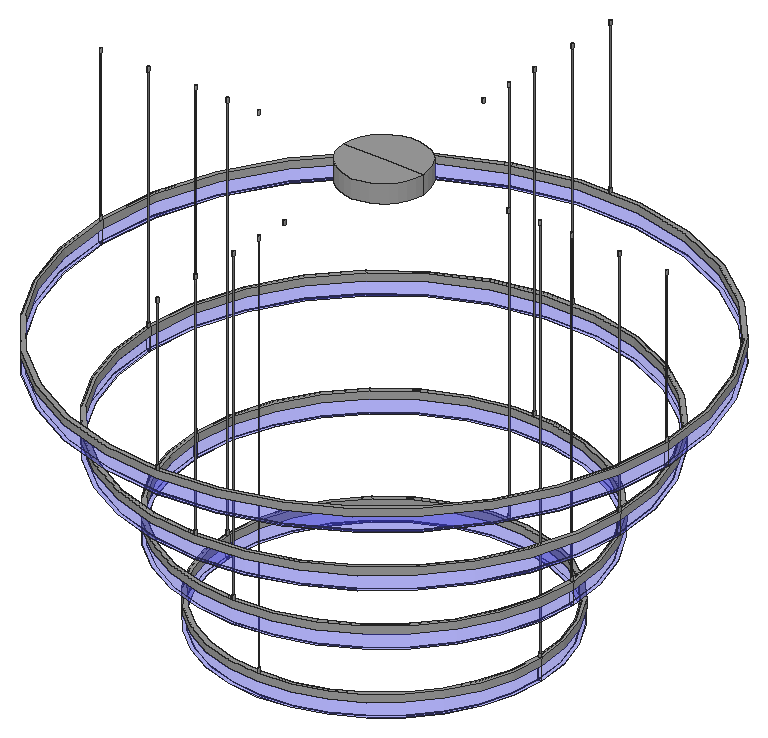
Revit family "Alcon-12272-4-40-48-60-72-Revit-Family", category Generic Models, host Ceiling, Revit 2025
Family settings
  Host = Ceiling
  Can host rebar = No
  Round Connector Dimension = Use Diameter
  Part Type = Normal
  Always vertical = Yes
  Cut with Voids When Loaded = No
  Maintain Annotation Orientation = No
  Shared = No
  Room Calculation Point = No
Parameters
  URL = "https://www.alconlighting.com/?srsltid=AfmBOooDPhGQ0dEP-X2PMtxFfvvWpIAEL4jCll_O2F4_to5onvhnBomy"
  Product Page = "https://www.alconlighting.com/redondo-12272-4.html"
  Model = "12272-4"
  Manufacturer = "Alcon Lighting"
  Lens = Glass
  Housing = Default
  Default Elevation = 0' - 0"
Reference planes (in)
  plane 1 "Center (Front/Back)": y = 0
  plane 2 "Ceiling": z = 96
  plane 3 "Center (Left/Right)": x = 0
Forms (in)
  Revolve 1, solid, material "Default" <- "Housing"
    sketch origin (0, 0, 0) x (1, 0, 0) y (0, 0, 1)
      loop
        line (0, 96) -> (0, 93.75) -> (5, 93.75) -> (5, 96) -> (0, 96)
      axis (0, 96) -> (0, 93.75)
    angle from 0 to 360
  Revolve 2, solid, material "Default" <- "Housing"
    sketch origin (0, 0, -20.03125) x (1, 0, 0) y (0, 0, 1)
      loop
        line (19.5, 66.65) -> (19.5, 65.72813) -> (19.5625, 65.72813) -> (19.5625, 66.5875) -> (19.9375, 66.5875) -> (19.9375, 65.72813) -> (20, 65.72813) -> (20, 66.65) -> (19.5, 66.65)
      axis (0, 65.72813) -> (0, 66.65)
    angle from 0 to 360
  Revolve 3, solid, material "Glass" <- "Lens"
    sketch origin (0, 0, -20.03125) x (1, 0, 0) y (0, 0, 1)
      loop
        line (19.5, 63.89) -> (20, 63.89) -> (20, 65.72813) -> (19.96875, 65.72813) -> (19.96875, 63.92125) -> (19.53125, 63.92125) -> (19.53125, 65.72813) -> (19.5, 65.72813) -> (19.5, 63.89)
      axis (0, 63.89) -> (0, 65.72813)
    angle from 0 to 360
  Revolve 4, solid, material "Default" <- "Housing"
    sketch origin (0, -32.29728, -20.03125) x (0, 1, 0) y (0, 0, 1)
      loop
        line (12.55011, 66.65) -> (12.67511, 66.65) -> (12.67511, 67.1208) -> (12.55011, 67.1208) -> (12.55011, 66.65)
      axis (12.55011, 67.1208) -> (12.55011, 66.65)
    angle from 0 to 360
  Extrusion 5, solid, material "Default" <- "Housing"
    sketch origin (0, -19.74728, 92.90344) x (0, 1, 0) y (1, 0, 0)
      loop
        circle (0, 0) r 0.04922
    from -2.62576 to 45.8139
  Revolve 6, solid, material "Default" <- "Housing"
    sketch origin (0, -32.29728, 28.8792) x (0, 1, 0) y (0, 0, 1)
      loop
        line (12.55011, 66.65) -> (12.67511, 66.65) -> (12.67511, 67.1208) -> (12.55011, 67.1208) -> (12.55011, 66.65)
      axis (12.55011, 67.1208) -> (12.55011, 66.65)
    angle from 0 to 360
  Revolve 7, solid, material "Default" <- "Housing"
    sketch origin (0, 7.19587, -20.03125) x (0, 1, 0) y (0, 0, 1)
      loop
        line (12.55011, 66.65) -> (12.67511, 66.65) -> (12.67511, 67.1208) -> (12.55011, 67.1208) -> (12.55011, 66.65)
      axis (12.55011, 67.1208) -> (12.55011, 66.65)
    angle from 0 to 360
  Extrusion 8, solid, material "Default" <- "Housing"
    sketch origin (0, 19.74587, 92.90344) x (0, 1, 0) y (1, 0, 0)
      loop
        circle (0, 0) r 0.04922
    from -2.62576 to 45.8139
  Revolve 9, solid, material "Default" <- "Housing"
    sketch origin (0, 7.19587, 28.8792) x (0, 1, 0) y (0, 0, 1)
      loop
        line (12.55011, 66.65) -> (12.67511, 66.65) -> (12.67511, 67.1208) -> (12.55011, 67.1208) -> (12.55011, 66.65)
      axis (12.55011, 67.1208) -> (12.55011, 66.65)
    angle from 0 to 360
  Revolve 10, solid, material "Default" <- "Housing"
    sketch origin (19.73156, -12.55011, -20.03125) x (0, 1, 0) y (0, 0, 1)
      loop
        line (12.55011, 66.65) -> (12.67511, 66.65) -> (12.67511, 67.1208) -> (12.55011, 67.1208) -> (12.55011, 66.65)
      axis (12.55011, 67.1208) -> (12.55011, 66.65)
    angle from 0 to 360
  Extrusion 11, solid, material "Default" <- "Housing"
    sketch origin (19.73156, -0.00011, 92.90344) x (0, 1, 0) y (1, 0, 0)
      loop
        circle (0, 0) r 0.04922
    from -2.62576 to 45.8139
  Revolve 12, solid, material "Default" <- "Housing"
    sketch origin (19.73156, -12.55011, 28.8792) x (0, 1, 0) y (0, 0, 1)
      loop
        line (12.55011, 66.65) -> (12.67511, 66.65) -> (12.67511, 67.1208) -> (12.55011, 67.1208) -> (12.55011, 66.65)
      axis (12.55011, 67.1208) -> (12.55011, 66.65)
    angle from 0 to 360
  Revolve 13, solid, material "Default" <- "Housing"
    sketch origin (-19.7654, -12.55011, -20.03125) x (0, 1, 0) y (0, 0, 1)
      loop
        line (12.55011, 66.65) -> (12.67511, 66.65) -> (12.67511, 67.1208) -> (12.55011, 67.1208) -> (12.55011, 66.65)
      axis (12.55011, 67.1208) -> (12.55011, 66.65)
    angle from 0 to 360
  Extrusion 14, solid, material "Default" <- "Housing"
    sketch origin (-19.7654, -0.00011, 92.90344) x (0, 1, 0) y (1, 0, 0)
      loop
        circle (0, 0) r 0.04922
    from -2.62576 to 45.8139
  Revolve 15, solid, material "Default" <- "Housing"
    sketch origin (-19.7654, -12.55011, 28.8792) x (0, 1, 0) y (0, 0, 1)
      loop
        line (12.55011, 66.65) -> (12.67511, 66.65) -> (12.67511, 67.1208) -> (12.55011, 67.1208) -> (12.55011, 66.65)
      axis (12.55011, 67.1208) -> (12.55011, 66.65)
    angle from 0 to 360
  Revolve 16, solid, material "Default" <- "Housing"
    sketch origin (0, 0, -10.03125) x (1, 0, 0) y (0, 0, 1)
      loop
        line (23.5, 66.65) -> (23.5, 65.72813) -> (23.5625, 65.72813) -> (23.5625, 66.5875) -> (23.9375, 66.5875) -> (23.9375, 65.72813) -> (24, 65.72813) -> (24, 66.65) -> (23.5, 66.65)
      axis (0, 65.72813) -> (0, 66.65)
    angle from 0 to 360
  Revolve 17, solid, material "Glass" <- "Lens"
    sketch origin (0, 0, -10.03125) x (1, 0, 0) y (0, 0, 1)
      loop
        line (23.5, 63.89) -> (24, 63.89) -> (24, 65.72813) -> (23.96875, 65.72813) -> (23.96875, 63.92125) -> (23.53125, 63.92125) -> (23.53125, 65.72813) -> (23.5, 65.72813) -> (23.5, 63.89)
      axis (0, 63.89) -> (0, 65.72813)
    angle from 0 to 360
  Revolve 18, solid, material "Default" <- "Housing"
    sketch origin (-23.7654, -12.55011, -10.03125) x (0, 1, 0) y (0, 0, 1)
      loop
        line (12.55011, 66.65) -> (12.67511, 66.65) -> (12.67511, 67.1208) -> (12.55011, 67.1208) -> (12.55011, 66.65)
      axis (12.55011, 67.1208) -> (12.55011, 66.65)
    angle from 0 to 360
  Extrusion 19, solid, material "Default" <- "Housing"
    sketch origin (-23.7654, -0.00011, 102.90344) x (0, 1, 0) y (1, 0, 0)
      loop
        circle (0, 0) r 0.04922
    from 7.37424 to 45.8139
  Revolve 20, solid, material "Default" <- "Housing"
    sketch origin (-23.7654, -12.55011, 28.8792) x (0, 1, 0) y (0, 0, 1)
      loop
        line (12.55011, 66.65) -> (12.67511, 66.65) -> (12.67511, 67.1208) -> (12.55011, 67.1208) -> (12.55011, 66.65)
      axis (12.55011, 67.1208) -> (12.55011, 66.65)
    angle from 0 to 360
  Revolve 21, solid, material "Default" <- "Housing"
    sketch origin (-19.7654, -12.55011, -20.03125) x (0, 1, 0) y (0, 0, 1)
      loop
        line (12.55011, 66.65) -> (12.67511, 66.65) -> (12.67511, 67.1208) -> (12.55011, 67.1208) -> (12.55011, 66.65)
      axis (12.55011, 67.1208) -> (12.55011, 66.65)
    angle from 0 to 360
  Extrusion 22, solid, material "Default" <- "Housing"
    sketch origin (-19.7654, -0.00011, 92.90344) x (0, 1, 0) y (1, 0, 0)
      loop
        circle (0, 0) r 0.04922
    from -2.62576 to 45.8139
  Revolve 23, solid, material "Default" <- "Housing"
    sketch origin (-19.7654, -12.55011, 28.8792) x (0, 1, 0) y (0, 0, 1)
      loop
        line (12.55011, 66.65) -> (12.67511, 66.65) -> (12.67511, 67.1208) -> (12.55011, 67.1208) -> (12.55011, 66.65)
      axis (12.55011, 67.1208) -> (12.55011, 66.65)
    angle from 0 to 360
  Revolve 24, solid, material "Default" <- "Housing"
    sketch origin (23.7346, -12.55011, -10.03125) x (0, 1, 0) y (0, 0, 1)
      loop
        line (12.55011, 66.65) -> (12.67511, 66.65) -> (12.67511, 67.1208) -> (12.55011, 67.1208) -> (12.55011, 66.65)
      axis (12.55011, 67.1208) -> (12.55011, 66.65)
    angle from 0 to 360
  Extrusion 25, solid, material "Default" <- "Housing"
    sketch origin (23.7346, -0.00011, 102.90344) x (0, 1, 0) y (1, 0, 0)
      loop
        circle (0, 0) r 0.04922
    from 7.37424 to 45.8139
  Revolve 26, solid, material "Default" <- "Housing"
    sketch origin (23.7346, -12.55011, 28.8792) x (0, 1, 0) y (0, 0, 1)
      loop
        line (12.55011, 66.65) -> (12.67511, 66.65) -> (12.67511, 67.1208) -> (12.55011, 67.1208) -> (12.55011, 66.65)
      axis (12.55011, 67.1208) -> (12.55011, 66.65)
    angle from 0 to 360
  Revolve 27, solid, material "Default" <- "Housing"
    sketch origin (0, 11.19989, -10.03125) x (0, 1, 0) y (0, 0, 1)
      loop
        line (12.55011, 66.65) -> (12.67511, 66.65) -> (12.67511, 67.1208) -> (12.55011, 67.1208) -> (12.55011, 66.65)
      axis (12.55011, 67.1208) -> (12.55011, 66.65)
    angle from 0 to 360
  Extrusion 28, solid, material "Default" <- "Housing"
    sketch origin (0, 23.74989, 102.90344) x (0, 1, 0) y (1, 0, 0)
      loop
        circle (0, 0) r 0.04922
    from 7.37424 to 45.8139
  Revolve 29, solid, material "Default" <- "Housing"
    sketch origin (0, 11.19989, 28.8792) x (0, 1, 0) y (0, 0, 1)
      loop
        line (12.55011, 66.65) -> (12.67511, 66.65) -> (12.67511, 67.1208) -> (12.55011, 67.1208) -> (12.55011, 66.65)
      axis (12.55011, 67.1208) -> (12.55011, 66.65)
    angle from 0 to 360
  Revolve 30, solid, material "Default" <- "Housing"
    sketch origin (0, -36.30011, -10.03125) x (0, 1, 0) y (0, 0, 1)
      loop
        line (12.55011, 66.65) -> (12.67511, 66.65) -> (12.67511, 67.1208) -> (12.55011, 67.1208) -> (12.55011, 66.65)
      axis (12.55011, 67.1208) -> (12.55011, 66.65)
    angle from 0 to 360
  Extrusion 31, solid, material "Default" <- "Housing"
    sketch origin (0, -23.75011, 102.90344) x (0, 1, 0) y (1, 0, 0)
      loop
        circle (0, 0) r 0.04922
    from 7.37424 to 45.8139
  Revolve 32, solid, material "Default" <- "Housing"
    sketch origin (0, -36.30011, 28.8792) x (0, 1, 0) y (0, 0, 1)
      loop
        line (12.55011, 66.65) -> (12.67511, 66.65) -> (12.67511, 67.1208) -> (12.55011, 67.1208) -> (12.55011, 66.65)
      axis (12.55011, 67.1208) -> (12.55011, 66.65)
    angle from 0 to 360
  Revolve 33, solid, material "Default" <- "Housing"
    sketch origin (15.73156, -12.55011, 28.8792) x (0, 1, 0) y (0, 0, 1)
      loop
        line (12.55011, 66.65) -> (12.67511, 66.65) -> (12.67511, 67.1208) -> (12.55011, 67.1208) -> (12.55011, 66.65)
      axis (12.55011, 67.1208) -> (12.55011, 66.65)
    angle from 0 to 360
  Revolve 34, solid, material "Default" <- "Housing"
    sketch origin (-15.76844, -12.55011, 28.8792) x (0, 1, 0) y (0, 0, 1)
      loop
        line (12.55011, 66.65) -> (12.67511, 66.65) -> (12.67511, 67.1208) -> (12.55011, 67.1208) -> (12.55011, 66.65)
      axis (12.55011, 67.1208) -> (12.55011, 66.65)
    angle from 0 to 360
  Revolve 35, solid, material "Default" <- "Housing"
    sketch origin (0, 3.19989, 28.8792) x (0, 1, 0) y (0, 0, 1)
      loop
        line (12.55011, 66.65) -> (12.67511, 66.65) -> (12.67511, 67.1208) -> (12.55011, 67.1208) -> (12.55011, 66.65)
      axis (12.55011, 67.1208) -> (12.55011, 66.65)
    angle from 0 to 360
  Revolve 36, solid, material "Default" <- "Housing"
    sketch origin (0, -28.30011, 28.8792) x (0, 1, 0) y (0, 0, 1)
      loop
        line (12.55011, 66.65) -> (12.67511, 66.65) -> (12.67511, 67.1208) -> (12.55011, 67.1208) -> (12.55011, 66.65)
      axis (12.55011, 67.1208) -> (12.55011, 66.65)
    angle from 0 to 360
  Revolve 37, solid, material "Default" <- "Housing"
    sketch origin (0, 0, -0.03125) x (1, 0, 0) y (0, 0, 1)
      loop
        line (29.5, 66.65) -> (29.5, 65.72813) -> (29.5625, 65.72813) -> (29.5625, 66.5875) -> (29.9375, 66.5875) -> (29.9375, 65.72813) -> (30, 65.72813) -> (30, 66.65) -> (29.5, 66.65)
      axis (0, 65.72813) -> (0, 66.65)
    angle from 0 to 360
  Revolve 38, solid, material "Glass" <- "Lens"
    sketch origin (0, 0, -0.03125) x (1, 0, 0) y (0, 0, 1)
      loop
        line (29.5, 63.89) -> (30, 63.89) -> (30, 65.72813) -> (29.96875, 65.72813) -> (29.96875, 63.92125) -> (29.53125, 63.92125) -> (29.53125, 65.72813) -> (29.5, 65.72813) -> (29.5, 63.89)
      axis (0, 63.89) -> (0, 65.72813)
    angle from 0 to 360
  Revolve 39, solid, material "Default" <- "Housing"
    sketch origin (-29.7654, -12.55011, -0.03125) x (0, 1, 0) y (0, 0, 1)
      loop
        line (12.55011, 66.65) -> (12.67511, 66.65) -> (12.67511, 67.1208) -> (12.55011, 67.1208) -> (12.55011, 66.65)
      axis (12.55011, 67.1208) -> (12.55011, 66.65)
    angle from 0 to 360
  Extrusion 40, solid, material "Default" <- "Housing"
    sketch origin (-29.7654, -0.00011, 112.90344) x (0, 1, 0) y (1, 0, 0)
      loop
        circle (0, 0) r 0.04922
    from 17.37424 to 45.8139
  Revolve 41, solid, material "Default" <- "Housing"
    sketch origin (-29.7654, -12.55011, 28.8792) x (0, 1, 0) y (0, 0, 1)
      loop
        line (12.55011, 66.65) -> (12.67511, 66.65) -> (12.67511, 67.1208) -> (12.55011, 67.1208) -> (12.55011, 66.65)
      axis (12.55011, 67.1208) -> (12.55011, 66.65)
    angle from 0 to 360
  Revolve 42, solid, material "Default" <- "Housing"
    sketch origin (29.7346, -12.55011, -0.03125) x (0, 1, 0) y (0, 0, 1)
      loop
        line (12.55011, 66.65) -> (12.67511, 66.65) -> (12.67511, 67.1208) -> (12.55011, 67.1208) -> (12.55011, 66.65)
      axis (12.55011, 67.1208) -> (12.55011, 66.65)
    angle from 0 to 360
  Extrusion 43, solid, material "Default" <- "Housing"
    sketch origin (29.7346, -0.00011, 112.90344) x (0, 1, 0) y (1, 0, 0)
      loop
        circle (0, 0) r 0.04922
    from 17.37424 to 45.8139
  Revolve 44, solid, material "Default" <- "Housing"
    sketch origin (29.7346, -12.55011, 28.8792) x (0, 1, 0) y (0, 0, 1)
      loop
        line (12.55011, 66.65) -> (12.67511, 66.65) -> (12.67511, 67.1208) -> (12.55011, 67.1208) -> (12.55011, 66.65)
      axis (12.55011, 67.1208) -> (12.55011, 66.65)
    angle from 0 to 360
  Revolve 45, solid, material "Default" <- "Housing"
    sketch origin (0, 17.19989, -0.03125) x (0, 1, 0) y (0, 0, 1)
      loop
        line (12.55011, 66.65) -> (12.67511, 66.65) -> (12.67511, 67.1208) -> (12.55011, 67.1208) -> (12.55011, 66.65)
      axis (12.55011, 67.1208) -> (12.55011, 66.65)
    angle from 0 to 360
  Extrusion 46, solid, material "Default" <- "Housing"
    sketch origin (0, 29.74989, 112.90344) x (0, 1, 0) y (1, 0, 0)
      loop
        circle (0, 0) r 0.04922
    from 17.37424 to 45.8139
  Revolve 47, solid, material "Default" <- "Housing"
    sketch origin (0, 17.19989, 28.8792) x (0, 1, 0) y (0, 0, 1)
      loop
        line (12.55011, 66.65) -> (12.67511, 66.65) -> (12.67511, 67.1208) -> (12.55011, 67.1208) -> (12.55011, 66.65)
      axis (12.55011, 67.1208) -> (12.55011, 66.65)
    angle from 0 to 360
  Revolve 48, solid, material "Default" <- "Housing"
    sketch origin (0, -42.30011, -0.03125) x (0, 1, 0) y (0, 0, 1)
      loop
        line (12.55011, 66.65) -> (12.67511, 66.65) -> (12.67511, 67.1208) -> (12.55011, 67.1208) -> (12.55011, 66.65)
      axis (12.55011, 67.1208) -> (12.55011, 66.65)
    angle from 0 to 360
  Extrusion 49, solid, material "Default" <- "Housing"
    sketch origin (0, -29.75011, 112.90344) x (0, 1, 0) y (1, 0, 0)
      loop
        circle (0, 0) r 0.04922
    from 17.37424 to 45.8139
  Revolve 50, solid, material "Default" <- "Housing"
    sketch origin (0, -42.30011, 28.8792) x (0, 1, 0) y (0, 0, 1)
      loop
        line (12.55011, 66.65) -> (12.67511, 66.65) -> (12.67511, 67.1208) -> (12.55011, 67.1208) -> (12.55011, 66.65)
      axis (12.55011, 67.1208) -> (12.55011, 66.65)
    angle from 0 to 360
  Revolve 51, solid, material "Default" <- "Housing"
    sketch origin (0, 0, 9.96875) x (1, 0, 0) y (0, 0, 1)
      loop
        line (35.5, 66.65) -> (35.5, 65.72813) -> (35.5625, 65.72813) -> (35.5625, 66.5875) -> (35.9375, 66.5875) -> (35.9375, 65.72813) -> (36, 65.72813) -> (36, 66.65) -> (35.5, 66.65)
      axis (0, 65.72813) -> (0, 66.65)
    angle from 0 to 360
  Revolve 52, solid, material "Glass" <- "Lens"
    sketch origin (0, 0, 9.96875) x (1, 0, 0) y (0, 0, 1)
      loop
        line (35.5, 63.89) -> (36, 63.89) -> (36, 65.72813) -> (35.96875, 65.72813) -> (35.96875, 63.92125) -> (35.53125, 63.92125) -> (35.53125, 65.72813) -> (35.5, 65.72813) -> (35.5, 63.89)
      axis (0, 63.89) -> (0, 65.72813)
    angle from 0 to 360
  Revolve 53, solid, material "Default" <- "Housing"
    sketch origin (-35.7654, -12.55011, 9.96875) x (0, 1, 0) y (0, 0, 1)
      loop
        line (12.55011, 66.65) -> (12.67511, 66.65) -> (12.67511, 67.1208) -> (12.55011, 67.1208) -> (12.55011, 66.65)
      axis (12.55011, 67.1208) -> (12.55011, 66.65)
    angle from 0 to 360
  Extrusion 54, solid, material "Default" <- "Housing"
    sketch origin (-35.7654, -0.00011, 122.90344) x (0, 1, 0) y (1, 0, 0)
      loop
        circle (0, 0) r 0.04922
    from 27.37424 to 45.8139
  Revolve 55, solid, material "Default" <- "Housing"
    sketch origin (-35.7654, -12.55011, 28.8792) x (0, 1, 0) y (0, 0, 1)
      loop
        line (12.55011, 66.65) -> (12.67511, 66.65) -> (12.67511, 67.1208) -> (12.55011, 67.1208) -> (12.55011, 66.65)
      axis (12.55011, 67.1208) -> (12.55011, 66.65)
    angle from 0 to 360
  Revolve 56, solid, material "Default" <- "Housing"
    sketch origin (35.7346, -12.55011, 9.96875) x (0, 1, 0) y (0, 0, 1)
      loop
        line (12.55011, 66.65) -> (12.67511, 66.65) -> (12.67511, 67.1208) -> (12.55011, 67.1208) -> (12.55011, 66.65)
      axis (12.55011, 67.1208) -> (12.55011, 66.65)
    angle from 0 to 360
  Extrusion 57, solid, material "Default" <- "Housing"
    sketch origin (35.7346, -0.00011, 122.90344) x (0, 1, 0) y (1, 0, 0)
      loop
        circle (0, 0) r 0.04922
    from 27.37424 to 45.8139
  Revolve 58, solid, material "Default" <- "Housing"
    sketch origin (35.7346, -12.55011, 28.8792) x (0, 1, 0) y (0, 0, 1)
      loop
        line (12.55011, 66.65) -> (12.67511, 66.65) -> (12.67511, 67.1208) -> (12.55011, 67.1208) -> (12.55011, 66.65)
      axis (12.55011, 67.1208) -> (12.55011, 66.65)
    angle from 0 to 360
  Revolve 59, solid, material "Default" <- "Housing"
    sketch origin (0, 23.19989, 9.96875) x (0, 1, 0) y (0, 0, 1)
      loop
        line (12.55011, 66.65) -> (12.67511, 66.65) -> (12.67511, 67.1208) -> (12.55011, 67.1208) -> (12.55011, 66.65)
      axis (12.55011, 67.1208) -> (12.55011, 66.65)
    angle from 0 to 360
  Extrusion 60, solid, material "Default" <- "Housing"
    sketch origin (0, 35.74989, 122.90344) x (0, 1, 0) y (1, 0, 0)
      loop
        circle (0, 0) r 0.04922
    from 27.37424 to 45.8139
  Revolve 61, solid, material "Default" <- "Housing"
    sketch origin (0, 23.19989, 28.8792) x (0, 1, 0) y (0, 0, 1)
      loop
        line (12.55011, 66.65) -> (12.67511, 66.65) -> (12.67511, 67.1208) -> (12.55011, 67.1208) -> (12.55011, 66.65)
      axis (12.55011, 67.1208) -> (12.55011, 66.65)
    angle from 0 to 360
  Revolve 62, solid, material "Default" <- "Housing"
    sketch origin (0, -48.30011, 9.96875) x (0, 1, 0) y (0, 0, 1)
      loop
        line (12.55011, 66.65) -> (12.67511, 66.65) -> (12.67511, 67.1208) -> (12.55011, 67.1208) -> (12.55011, 66.65)
      axis (12.55011, 67.1208) -> (12.55011, 66.65)
    angle from 0 to 360
  Extrusion 63, solid, material "Default" <- "Housing"
    sketch origin (0, -35.75011, 122.90344) x (0, 1, 0) y (1, 0, 0)
      loop
        circle (0, 0) r 0.04922
    from 27.37424 to 45.8139
  Revolve 64, solid, material "Default" <- "Housing"
    sketch origin (0, -48.30011, 28.8792) x (0, 1, 0) y (0, 0, 1)
      loop
        line (12.55011, 66.65) -> (12.67511, 66.65) -> (12.67511, 67.1208) -> (12.55011, 67.1208) -> (12.55011, 66.65)
      axis (12.55011, 67.1208) -> (12.55011, 66.65)
    angle from 0 to 360
Dimensions and locks (in)
  equal spacing: host sketch curve, plane 3 "Center (Left/Right)", host sketch curve
  equal spacing: host sketch curve, plane 1 "Center (Front/Back)", host sketch curve
  host sketch curve to host sketch curve = 10' - 0"  (x2)
  aligned and locked: Extrusion 5 to Revolve 4
  aligned and locked: Revolve 6 to Extrusion 5
  aligned and locked: Extrusion 8 to Revolve 7
  aligned and locked: Revolve 9 to Extrusion 8
  aligned and locked: Extrusion 11 to Revolve 10
  aligned and locked: Revolve 12 to Extrusion 11
  aligned and locked: Extrusion 14 to Revolve 13
  aligned and locked: Extrusion 19 to Revolve 18
  aligned and locked: Revolve 20 to Extrusion 19
  aligned and locked: Extrusion 22 to Revolve 21
  aligned and locked: Extrusion 25 to Revolve 24
  aligned and locked: Revolve 26 to Extrusion 25
  aligned and locked: Extrusion 28 to Revolve 27
  aligned and locked: Revolve 29 to Extrusion 28
  aligned and locked: Extrusion 31 to Revolve 30
  aligned and locked: Revolve 32 to Extrusion 31
  aligned and locked: Extrusion 40 to Revolve 39
  aligned and locked: Revolve 41 to Extrusion 40
  aligned and locked: Extrusion 43 to Revolve 42
  aligned and locked: Revolve 44 to Extrusion 43
  aligned and locked: Extrusion 46 to Revolve 45
  aligned and locked: Revolve 47 to Extrusion 46
  aligned and locked: Extrusion 49 to Revolve 48
  aligned and locked: Revolve 50 to Extrusion 49
  aligned and locked: Extrusion 54 to Revolve 53
  aligned and locked: Revolve 55 to Extrusion 54
  aligned and locked: Extrusion 57 to Revolve 56
  aligned and locked: Revolve 58 to Extrusion 57
  aligned and locked: Extrusion 60 to Revolve 59
  aligned and locked: Revolve 61 to Extrusion 60
  aligned and locked: Extrusion 63 to Revolve 62
  aligned and locked: Revolve 64 to Extrusion 63
